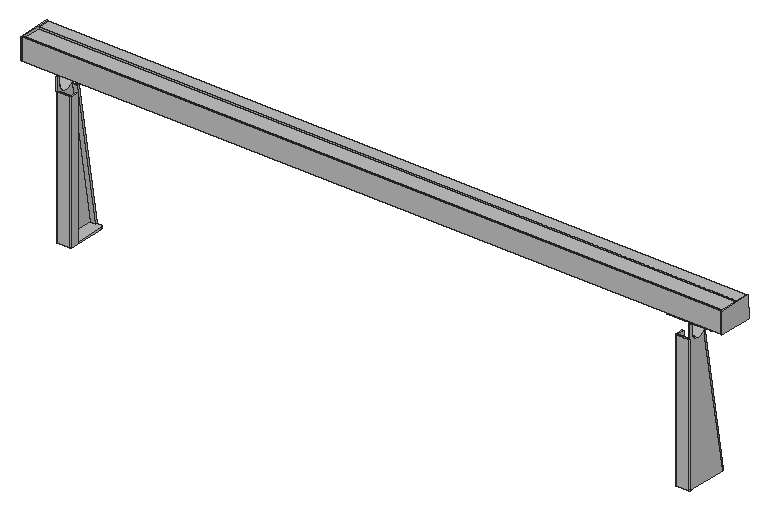
Revit family "4070764+4070747+4070772 Feilo Sylvania Lighting Fixtures CURSUS 1161MM 731LM WIDE LED 3K with SINGLE WALL HOUSING with 250MM WALL BRACKET", category Lighting Fixtures, host Face, Revit 2017
Family settings
  Host = Face
  Round Connector Dimension = Use Diameter
  Part Type = Normal
  OmniClass Number = 23.80.70.14
  OmniClass Title = Luminaries for External Lighting
  Cut with Voids When Loaded = Yes
  Light Source = No
  Shared = No
  Room Calculation Point = No
Parameters (values of type "4070764 CURSUS 1161MM 731LM WIDE LED 3K")
  Weight = "2.2 kg"
  Wattage Comments = "n/a"
  WarrantyStartDate [instance] = "n/a"
  WarrantyGuarantorParts = "n/a"
  WarrantyDurationUnit = "n/a"
  WarrantyDurationParts = "n/a"
  WarrantyDescription = "n/a"
  Voltage = 230 V
  URL = "http://www.sylvania-lighting.com"
  TypeName = "CURSUS 1161MM 731LM WIDE LED 3K"
  TypeFixture_FEILO = CURSUS with SINGLE WALL HOUSING : CURSUS 1161MM 731LM WIDE LED 3K
  Type Image = <None>
  Type Comments = "n/a"
  TiltAngle [instance] = 0.00°
  StartAngle [instance] = TiltAngle + 270.00°  # 270.00°
  SerialNumber [instance] = "n/a"
  ReflectorMaterial = none
  PowerFactor = 0
  PowerConsumption = "18 W"
  NominalLength = 1161 mm
  NominalHeight = 50 mm
  NominalDepth = 30 mm
  Name = "CURSUS 1161MM 731LM WIDE LED 3K"
  ModelReference = Name  # "CURSUS 1161MM 731LM WIDE LED 3K"
  ModelNumber = "4070764"
  Model = Name  # "CURSUS 1161MM 731LM WIDE LED 3K"
  Material = "natural anodised extruded aluminium structure housing"
  ManufacturerName = "Feilo Sylvania"
  Manufacturer = "Feilo Sylvania"
  LuminousEfficacy = "40.61 lm/W"
  LuminaireType = ""
  LightOutputRatio = "100"
  LampsType = Lamp  # "LED"
  LampNominalLuminous = "731 lm"
  LampMacAdamStep = "n/a"
  LampColourTemperature = "3000 K"
  LampColourRenderingIndex = "80"
  Lamp = "LED"
  Keynote = "16500"
  InstallationDate [instance] = "n/a"
  InputVoltage = "220-240V~"
  InputNominalFrequency = "n/a"
  IngressProtection = "IP67"
  ImpactProtectionIndex = "IK07"
  IfcExportType = "IfcLightFixtureType"
  IfcExportAs = "IfcLightFixtureType"
  ExpectedLife = 50000
  EndAngle [instance] = StartAngle - 180.00°  # 90.00°
  ElectricShockClassification = "Class III"
  DurationUnit = "hours"
  DocumentationLiterature = "http://www.sylvania-lighting.com/product/en-int/products/4070764"
  DimmingControlOptions = "n/a"
  DiffuserMaterial = Diffuser-Sylvania-Glow
  Description = "LED Exterior Lighting Recessed Surface Mounted Linear Fixture, Natural anodised extruded aluminium structure. Die-cast aluminium end caps. Installation kit with harmonic steel springs., 731 lm, 18W, 40lm/W, 3000K, CRI80+,non dimmable,IP67, IK07, (HxWxD) 1161x50x30mm, 3 step Mac Adam Ellipse, 2.2kg,, Classe III, 21-25V-DC, energy class : A++, A+, A"
  Default Elevation = 1219.2 mm
  CreatedOn = "1/8/2018"
  CreatedBy = ""
  Cost = 0
  built-in parameter 1114216 [instance] = (empty or 0)
  ClassificationValue = "EF_70_80"
  ClassificationName = "Uniclass2015"
  BracketWidth = 24 mm
  BracketThickness = 2 mm
  BracketHeightEnd = 32 mm
  BracketHeight = 70 mm
  BracketFlange = BracketHeight / 5  # 14 mm
  BracketExtension = 250 mm
  BracketEndReduction = 25 mm
  BracketC = 22 mm  # constant formula
  BracketDistance = 1030 mm
  BracketD = BracketHeightEnd - (BracketC * (BracketHeight - BracketHeightEnd) / (BracketExtension - BracketEndReduction))  # 28.284 mm
  BodyMaterial = Body-Sylvania-Gray
  BarCode [instance] = "n/a"
  AssetType = "Fixed"
  AssetIdentifier [instance] = "n/a"
  Assembly Code = "D5020200"
  Apparent Load = 18 VA
  AccessoryMaterial = Diffuser-Sylvania-Glow
Reference planes
  plane 1 "Center (Front/Back)": y = 0
  plane 2: z = 0
  plane 3 "Center (Left/Right)": x = 0
  plane 4: x = -527
  plane 5: x = 527
  plane 6: y = 70
  plane 7: x = -503
  plane 8: x = 503
  plane 9: z = 250
  plane 10: z = 236
  plane 11: z = 2
  plane 12: z = 225
  plane 13: x = -525
  plane 14: y = 68
  plane 15: y = 2
  plane 16: x = -505
  plane 17: x = 505
  plane 18: x = 525
  plane 19: x = -515
  plane 20: x = 515
  plane 21: y = 14
  plane 22: y = 32
  plane 23: y = 30
  plane 24: z = 247
  plane 25: y = 28.284
  plane 26: y = 16
Forms (mm)
  Blend 1, solid, material "Body-Sylvania-Gray" <- "BodyMaterial"
    base sketch origin (1223.4, -4572, 2) x (0, -1, 0) y (1, 0, 0)
      loop
        line (-4640, -1738.4) -> (-4642, -1738.4) -> (-4642, -1748.4)
        arc (-4642, -1748.4) -> (-4641.414, -1749.814) -> (-4640, -1750.4) r 2
        line (-4640, -1750.4) -> (-4574, -1750.4)
        arc (-4574, -1750.4) -> (-4572.586, -1749.814) -> (-4572, -1748.4) r 2
        line (-4572, -1748.4) -> (-4572, -1728.4)
        arc (-4572, -1728.4) -> (-4572.586, -1726.986) -> (-4574, -1726.4) r 2
        line (-4574, -1726.4) -> (-4586, -1726.4) -> (-4586, -1728.4) -> (-4574, -1728.4) -> (-4574, -1748.4) -> (-4640, -1748.4) -> (-4640, -1738.4)
    top sketch origin (1223.4, -4572, 2) x (0, -1, 0) y (1, 0, 0)
      loop
        line (-4586, -1728.4) -> (-4574, -1728.4) -> (-4574, -1748.4) -> (-4602, -1748.4) -> (-4602, -1738.4) -> (-4604, -1738.4) -> (-4604, -1748.4)
        arc (-4604, -1748.4) -> (-4603.52, -1749.71) -> (-4602.309, -1750.4) r 2.028
        line (-4602.309, -1750.4) -> (-4574, -1750.4)
        arc (-4574, -1750.4) -> (-4572.586, -1749.814) -> (-4572, -1748.4) r 2
        line (-4572, -1748.4) -> (-4572, -1728.4)
        arc (-4572, -1728.4) -> (-4572.586, -1726.986) -> (-4574, -1726.4) r 2
        line (-4574, -1726.4) -> (-4586, -1726.4) -> (-4586, -1728.4)
    from 0 to 223
  Extrusion 2, solid, material "Body-Sylvania-Gray" <- "BodyMaterial"
    sketch origin (0, 0, 0) x (1, 0, 0) y (0, 1, 0)
      loop
        arc (-525, 70) -> (-526.414, 69.414) -> (-527, 68) r 2
        line (-527, 68) -> (-527, 2)
        arc (-527, 2) -> (-526.414, 0.586) -> (-525, 0) r 2
        line (-525, 0) -> (-505, 0)
        arc (-505, 0) -> (-503.586, 0.586) -> (-503, 2) r 2
        line (-503, 2) -> (-503, 62.5)
        arc (-503, 62.5) -> (-505.197, 67.803) -> (-510.5, 70) r 7.5
        line (-510.5, 70) -> (-525, 70)
      loop
        line (525, 70) -> (510.5, 70)
        arc (510.5, 70) -> (505.197, 67.803) -> (503, 62.5) r 7.5
        line (503, 62.5) -> (503, 2)
        arc (503, 2) -> (503.586, 0.586) -> (505, 0) r 2
        line (505, 0) -> (525, 0)
        arc (525, 0) -> (526.414, 0.586) -> (527, 2) r 2
        line (527, 2) -> (527, 68)
        arc (527, 68) -> (526.414, 69.414) -> (525, 70) r 2
    from 0 to 2
  Blend 3, solid, material "Body-Sylvania-Gray" <- "BodyMaterial"
    base sketch origin (1223.4, -4572, 2) x (0, -1, 0) y (1, 0, 0)
      loop
        line (-4640, -698.4) -> (-4574, -698.4) -> (-4574, -718.4) -> (-4586, -718.4) -> (-4586, -720.4) -> (-4574, -720.4)
        arc (-4574, -720.4) -> (-4572.586, -719.814) -> (-4572, -718.4) r 2
        line (-4572, -718.4) -> (-4572, -698.4)
        arc (-4572, -698.4) -> (-4572.586, -696.986) -> (-4574, -696.4) r 2
        line (-4574, -696.4) -> (-4640, -696.4)
        arc (-4640, -696.4) -> (-4641.414, -696.986) -> (-4642, -698.4) r 2
        line (-4642, -698.4) -> (-4642, -708.4) -> (-4640, -708.4) -> (-4640, -698.4)
    top sketch origin (1223.4, -4572, 2) x (0, -1, 0) y (1, 0, 0)
      loop
        line (-4602, -708.4) -> (-4602, -698.4) -> (-4574, -698.4) -> (-4574, -718.4) -> (-4586, -718.4) -> (-4586, -720.4) -> (-4574, -720.4)
        arc (-4574, -720.4) -> (-4572.586, -719.814) -> (-4572, -718.4) r 2
        line (-4572, -718.4) -> (-4572, -698.4)
        arc (-4572, -698.4) -> (-4572.586, -696.986) -> (-4574, -696.4) r 2
        line (-4574, -696.4) -> (-4602, -696.4)
        arc (-4602, -696.4) -> (-4603.414, -696.986) -> (-4604, -698.4) r 2
        line (-4604, -698.4) -> (-4604, -708.4) -> (-4602, -708.4)
    from 0 to 223
  Blend 4, solid, material "Body-Sylvania-Gray" <- "BodyMaterial"
    base sketch origin (1223.4, -4572, 225) x (0, -1, 0) y (1, 0, 0)
      loop
        line (-4604, -1750.4) -> (-4572, -1750.4) -> (-4572, -1748.4) -> (-4604, -1748.4) -> (-4604, -1750.4)
    top sketch origin (1223.4, -4572, 225) x (0, -1, 0) y (1, 0, 0)
      loop
        line (-4572, -1750.4) -> (-4572, -1748.4) -> (-4600.284, -1748.4) -> (-4600.284, -1750.4) -> (-4572, -1750.4)
    from 0 to 22
  Blend 5, solid, material "Body-Sylvania-Gray" <- "BodyMaterial"
    base sketch origin (1223.4, -4572, 225) x (0, -1, 0) y (1, 0, 0)
      loop
        line (-4604, -698.4) -> (-4572, -698.4) -> (-4572, -696.4) -> (-4604, -696.4) -> (-4604, -698.4)
    top sketch origin (1223.4, -4572, 225) x (0, -1, 0) y (1, 0, 0)
      loop
        line (-4572, -696.4) -> (-4600.284, -696.4) -> (-4600.284, -698.4) -> (-4572, -698.4) -> (-4572, -696.4)
    from 0 to 22
  Extrusion 6, void
    sketch origin (0, 0, 0) x (0, 1, 0) y (0, 0, 1)
      loop
        line (0, 225) -> (2, 225) -> (2, 226.5) -> (0, 226.5) -> (0, 225)
      loop
        line (32, 225) -> (32, 226.5) -> (30, 226.5) -> (30, 225) -> (32, 225)
    from -527 to 527
  Revolve 7, solid, not visible
    sketch origin (1524, 16, 1219.2) x (1, 0, 0) y (0, 0, 1)
      loop
        line (-1524, -972.2) -> (-1524, -983.2) -> (-1009, -983.2) -> (-1009, -972.2) -> (-1524, -972.2)
      axis (-1009, -983.2) -> (-1524, -983.2)
    angle from 270 <- "StartAngle" to 90 <- "EndAngle"
Cuts and joins
  Extrusion 6 cuts Blend 4
  Extrusion 6 cuts Blend 5
  joined: Blend 1, Extrusion 2, Blend 3, Blend 4, Blend 5
Lines and regions (mm)
  reference lines, not visible
    curve 1: line (-503, 16, 236) -> (503, 16, 236)
Dimensions and locks
  equal spacing: plane 4, plane 3 "Center (Left/Right)", plane 5
  "BracketDistance": plane 19 to plane 20
  "BracketHeight": plane 1 "Center (Front/Back)" to plane 6
  equal spacing: plane 7, plane 3 "Center (Left/Right)", plane 8
  "BracketWidth": plane 4 to plane 7
  "BracketExtension": plane 9 to plane 2
  "BracketThickness": plane 11 to plane 2
  "BracketEndReduction": plane 9 to plane 12
  equal spacing: plane 13, plane 3 "Center (Left/Right)", plane 18
  equal spacing: plane 16, plane 3 "Center (Left/Right)", plane 17
  "BracketThickness": plane 4 to plane 13
  "BracketThickness": plane 16 to plane 7
  "BracketThickness": plane 14 to plane 6
  "BracketThickness": plane 1 "Center (Front/Back)" to plane 15
  equal spacing: plane 4, plane 19, plane 7
  equal spacing: plane 8, plane 20, plane 5
  "BracketFlange": plane 1 "Center (Front/Back)" to plane 21
  "BracketHeightEnd": plane 1 "Center (Front/Back)" to plane 22
  "BracketThickness": plane 23 to plane 22
  locked: Extrusion 2 sketch curve to plane 7 at 7.5
  locked: Extrusion 2 sketch curve to plane 6 at 7.5  (x2)
  locked: plane 8 to Extrusion 2 sketch curve at 7.5
  "BracketC": plane 24 to plane 12
  "BracketD": plane 1 "Center (Front/Back)" to plane 25
  locked: plane 12 to Extrusion 6 sketch curve at 1.5
  equal spacing: plane 24, plane 10, plane 12
  equal spacing: plane 1 "Center (Front/Back)", plane 26, plane 22
  aligned and locked: plane 2 to host face
  aligned and locked: level to host face
  aligned and locked: plane 4 to Blend 1 sketch curve  (x2)
  aligned and locked: plane 13 to Blend 1 sketch curve  (x3)
  aligned and locked: Blend 1 sketch curve to plane 15
  aligned and locked: Blend 1 sketch curve to plane 16
  aligned and locked: Blend 1 sketch curve to plane 21
  aligned and locked: plane 7 to Blend 1 sketch curve
  aligned and locked: plane 16 to Blend 1 sketch curve
  aligned and locked: plane 1 "Center (Front/Back)" to Blend 1 sketch curve
  aligned and locked: plane 14 to Blend 1 sketch curve
  aligned and locked: Blend 1 sketch curve to var sketch  (x6)
  aligned and locked: Blend 1 sketch curve to plane 19
  aligned and locked: Blend 1 sketch curve to plane 22
  aligned and locked: plane 23 to Blend 1 sketch curve
  aligned and locked: plane 11 to Blend 1
  aligned and locked: Extrusion 2 sketch curve to Blend 1  (x3)
  aligned and locked: Extrusion 2 to level
  aligned and locked: Extrusion 2 to plane 11
  aligned and locked: Extrusion 2 sketch curve to plane 7
  aligned and locked: plane 18 to Blend 3 sketch curve  (x4)
  aligned and locked: plane 14 to Blend 3 sketch curve  (x2)
  aligned and locked: Blend 3 sketch curve to plane 20
  aligned and locked: Blend 3 sketch curve to plane 6
  aligned and locked: plane 5 to Blend 3 sketch curve
  aligned and locked: plane 1 "Center (Front/Back)" to Blend 3 sketch curve
  aligned and locked: plane 15 to Blend 3 sketch curve  (x2)
  aligned and locked: Blend 3 sketch curve to plane 8
  aligned and locked: Blend 3 sketch curve to plane 21
  aligned and locked: plane 17 to Blend 3 sketch curve
  aligned and locked: Blend 3 sketch curve to plane 18
  aligned and locked: plane 20 to Blend 3 sketch curve  (x2)
  aligned and locked: Blend 3 sketch curve to plane 23
  aligned and locked: Blend 3 sketch curve to var sketch  (x8)
  aligned and locked: var sketch to Blend 3 sketch curve
  aligned and locked: plane 22 to Blend 3 sketch curve
  aligned and locked: plane 11 to Blend 3
  aligned and locked: Extrusion 2 sketch curve to Blend 3  (x4)
  aligned and locked: Blend 1 to plane 12
  aligned and locked: Blend 3 to plane 12
  aligned and locked: Blend 4 sketch curve to plane 22
  aligned and locked: Blend 4 sketch curve to cut or joined group of Blend 1, Extrusion 2, Blend 3, Blend 4, Blend 5, Extrusion 6  (x2)
  aligned and locked: cut or joined group of Blend 1, Extrusion 2, Blend 3, Blend 4, Blend 5, Extrusion 6 to Blend 4 sketch curve
  aligned and locked: Blend 4 sketch curve to var sketch  (x2)
  aligned and locked: Blend 4 sketch curve to plane 13
  aligned and locked: Blend 4 to plane 24
  aligned and locked: Blend 4 sketch curve to plane 25
  aligned and locked: Blend 5 sketch curve to plane 18  (x2)
  aligned and locked: plane 1 "Center (Front/Back)" to Blend 5 sketch curve
  aligned and locked: plane 5 to Blend 5 sketch curve
  aligned and locked: plane 22 to Blend 5 sketch curve
  aligned and locked: Blend 5 sketch curve to var sketch
  aligned and locked: var sketch to Blend 5 sketch curve
  aligned and locked: Blend 5 sketch curve to plane 25
  aligned and locked: Blend 5 to plane 24
  aligned and locked: plane 12 to Blend 5
  aligned and locked: Extrusion 6 sketch curve to cut or joined group of Blend 1, Extrusion 2, Blend 3, Blend 4, Blend 5, Extrusion 6  (x2)
  aligned and locked: Extrusion 6 sketch curve to Extrusion 6 sketch curve
  aligned and locked: Extrusion 6 sketch curve to plane 15
  aligned and locked: plane 5 to Extrusion 6
  aligned and locked: Extrusion 6 to plane 4
  aligned and locked: Extrusion 6 sketch curve to plane 23
  aligned and locked: Revolve 7 sketch curve to plane 10  (x2)
  aligned and locked: plane 24 to Revolve 7 sketch curve
  aligned and locked: plane 3 "Center (Left/Right)" to Revolve 7 sketch curve
  aligned and locked: Revolve 7 sketch curve to plane 20
  aligned and locked: plane 7 to curve 1
  aligned and locked: plane 10 to curve 1
  aligned and locked: nested 1 to plane 5
  aligned and locked: nested 2 to plane 4
  aligned and locked: nested 1 to curve 1
  aligned and locked: nested 2 to curve 1
  aligned and locked: nested 1 to nested 3
  aligned and locked: nested 3 to plane 3 "Center (Left/Right)"
Automatic sketch dimensions
  host sketch curve to host sketch curve = 2438.4 mm  (x2)
  Blend 1 sketch curve to plane 13 = 0 mm
  plane 15 to Blend 1 sketch curve = 0 mm  (x3)
  Blend 1 sketch curve to plane 23 = 0.309 mm
  plane 6 to Blend 1 sketch curve = 0 mm
  plane 14 to Blend 1 sketch curve = 0 mm
  Blend 1 sketch curve to plane 19 = 0 mm
  Blend 3 sketch curve to plane 17 = 0 mm
  Extrusion 6 sketch curve to plane 1 "Center (Front/Back)" = 0 mm
  plane 12 to Extrusion 6 sketch curve = 0 mm
  Revolve 7 sketch curve to plane 4 = 1153 mm
  plane 5 to Revolve 7 sketch curve = 1161.4 mm
  curve 1 to plane 8 = 0 mm
Nested families
  nested 1: "MountingPlate" at (526, 16, 236) x (-1, 0, 0) z (0, 0, 1), type "MountingPlate"
  nested 2: "MountingPlate" at (-526, 16, 236) x (-1, 0, 0) z (0, 0, 1), type "MountingPlate"
  nested 3: "CURSUS with SINGLE WALL HOUSING" at (0, -4, 254) x (-1, 0, 0) z (0, 0, 1), type <- "TypeFixture_FEILO", type "CURSUS 1161MM 731LM WIDE LED 3K"
    with WarrantyStartDate "n/a", SerialNumber "n/a", InstallationDate "n/a", EndCapRight yes, EndCapLeft yes, built-in parameter 1114216 (empty or 0), BarCode "n/a", AssetIdentifier "n/a"
Connectors
  electrical at (0, 0, 0), driven by "Voltage", driven by "Apparent Load", driven by "PowerFactor"
    settings: index 1, voltage 230 V, apparent load 18 VA, apparent load phase1 0 VA, apparent load phase2 0 VA, apparent load phase3 0 VA, power factor 0, load classification "Other", number of poles 1, system type 30, power factor state 1, is connector primary yes, connector utility no, sub classification motor no, connector description ""
Definition of nested family "MountingPlate"
  Parameters (values of type "MountingPlate")
    URL = "http://www.feilosylvania.com"
    Type Comments = "n/a"
    ReflectorMaterial = none
    MountingPlateWidth = 76 mm
    MountingPlateThickness = 2 mm
    MountingPlateRadiusBack = 12 mm
    MountingPlateRadius = 3 mm
    MountingPlateHeight = 35 mm
    Model = "n/a"
    Manufacturer = "Feilo Sylvania"
    Keynote = "n/a"
    DiffuserMaterial = none
    Description = "n/a"
    Default Elevation = 1219.2 mm
    Cost = 0
    BodyMaterial = none
    Assembly Code = "n/a"
    AccessoryMaterial = none
  Reference planes
    plane 1 "Center (Front/Back)": y = 0
    plane 2: z = 0
    plane 3 "Center (Left/Right)": x = 0
    plane 4: x = -38
    plane 5: x = 38
    plane 6: y = 17.5
    plane 7: y = -17.5
    plane 8: x = -3
    plane 9: x = 3
    plane 10: z = 18
    plane 11: z = 16
    plane 12: y = 12.5
    plane 13: y = -12.5
    plane 14: x = -1
    plane 15: x = 1
    plane 16: z = -12.5
    plane 17: z = -14.5
  Forms (mm)
    Extrusion 1, solid
      sketch origin (1.653, 0, 0) x (1, 0, 0) y (0, 1, 0)
        loop
          line (-1219.2, 1219.2) -> (-1219.2, -1219.2) -> (1219.2, -1219.2) -> (1219.2, 1219.2) -> (-1219.2, 1219.2)
      from 0 to -304.8
    Extrusion 2, solid, material <- "BodyMaterial"
      sketch origin (1218.4, -4572, 16) x (0, -1, 0) y (-1, 0, 0)
        loop
          line (-4589.5, 1253.4) -> (-4589.5, 1224.4)
          arc (-4589.5, 1224.4) -> (-4588.621, 1222.279) -> (-4586.5, 1221.4) r 3
          line (-4586.5, 1221.4) -> (-4557.5, 1221.4)
          arc (-4557.5, 1221.4) -> (-4555.379, 1222.279) -> (-4554.5, 1224.4) r 3
          line (-4554.5, 1224.4) -> (-4554.5, 1253.4)
          arc (-4554.5, 1253.4) -> (-4555.379, 1255.521) -> (-4557.5, 1256.4) r 3
          line (-4557.5, 1256.4) -> (-4586.5, 1256.4)
          arc (-4586.5, 1256.4) -> (-4588.621, 1255.521) -> (-4589.5, 1253.4) r 3
        loop
          arc (-4589.5, 1183.4) -> (-4588.621, 1181.279) -> (-4586.5, 1180.4) r 3
          line (-4586.5, 1180.4) -> (-4557.5, 1180.4)
          arc (-4557.5, 1180.4) -> (-4555.379, 1181.279) -> (-4554.5, 1183.4) r 3
          line (-4554.5, 1183.4) -> (-4554.5, 1212.4)
          arc (-4554.5, 1212.4) -> (-4555.379, 1214.521) -> (-4557.5, 1215.4) r 3
          line (-4557.5, 1215.4) -> (-4586.5, 1215.4)
          arc (-4586.5, 1215.4) -> (-4588.621, 1214.521) -> (-4589.5, 1212.4) r 3
          line (-4589.5, 1212.4) -> (-4589.5, 1183.4)
      from 0 to -2
    Extrusion 3, solid, material <- "BodyMaterial"
      sketch origin (0, 0, 0) x (1, 0, 0) y (0, 0, 1)
        loop
          line (-3, 18) -> (-3, -12.5) -> (-1, -12.5) -> (-1, 16)
          arc (-1, 16) -> (-1.586, 17.414) -> (-3, 18) r 2
        loop
          line (3, -12.5) -> (3, 18)
          arc (3, 18) -> (1.586, 17.414) -> (1, 16) r 2
          line (1, 16) -> (1, -12.5) -> (3, -12.5)
      from -12.5 to 12.5
    Extrusion 4, void
      sketch origin (0, 0, 0) x (0, 1, 0) y (0, 0, 1)
        loop
          line (-12.5, -0.5) -> (-17.5, -0.5) -> (-17.5, -14.5) -> (-0.5, -14.5) -> (-0.5, -12.5)
          arc (-0.5, -12.5) -> (-8.985, -8.985) -> (-12.5, -0.5) r 12
        loop
          line (0.5, -12.5) -> (0.5, -14.5) -> (17.5, -14.5) -> (17.5, -0.5) -> (12.5, -0.5)
          arc (12.5, -0.5) -> (8.985, -8.985) -> (0.5, -12.5) r 12
      from -3 to 3
  Cuts and joins
    Extrusion 4 cuts Extrusion 2
    Extrusion 4 cuts Extrusion 3
    joined: Extrusion 2, Extrusion 3
  Lines and regions (mm)
    reference lines
      curve 1: line (-38, 0, 0) -> (38, 0, 0)
  Dimensions and locks
    equal spacing: plane 4, plane 3 "Center (Left/Right)", plane 5
    "MountingPlateWidth": plane 4 to plane 5
    equal spacing: plane 7, plane 1 "Center (Front/Back)", plane 6
    "MountingPlateHeight": plane 7 to plane 6
    equal spacing: plane 8, plane 3 "Center (Left/Right)", plane 9
    "MountingPlateHeight": plane 4 to plane 8
    locked: plane 10 to plane 2 at 18
    "MountingPlateThickness": plane 10 to plane 11
    equal spacing: plane 13, plane 1 "Center (Front/Back)", plane 12
    locked: plane 13 to plane 12 at 25
    "MountingPlateRadius": plane 4 to Extrusion 2 sketch curve  (x2)
    "MountingPlateRadius": Extrusion 2 sketch curve to plane 6  (x4)
    "MountingPlateRadius": Extrusion 2 sketch curve to plane 8  (x2)
    "MountingPlateRadius": plane 7 to Extrusion 2 sketch curve  (x4)
    "MountingPlateRadius": plane 9 to Extrusion 2 sketch curve  (x2)
    "MountingPlateRadius": Extrusion 2 sketch curve to plane 5  (x2)
    equal spacing: plane 15, plane 3 "Center (Left/Right)", plane 14
    "MountingPlateThickness": plane 14 to plane 8
    locked: plane 2 to plane 16 at 12.5
    locked: plane 17 to plane 16 at 2
    "MountingPlateRadiusBack": plane 13 to Extrusion 4 sketch curve
    "MountingPlateRadiusBack": plane 16 to Extrusion 4 sketch curve  (x2)
    "MountingPlateRadiusBack": Extrusion 4 sketch curve to plane 12
    aligned and locked: plane 2 to Extrusion 1
    aligned and locked: level to Extrusion 1
    aligned and locked: Extrusion 2 sketch curve to plane 6
    aligned and locked: Extrusion 2 sketch curve to plane 4
    aligned and locked: plane 7 to Extrusion 2 sketch curve
    aligned and locked: plane 8 to Extrusion 2 sketch curve
    aligned and locked: plane 6 to Extrusion 2 sketch curve
    aligned and locked: Extrusion 2 sketch curve to plane 5
    aligned and locked: Extrusion 2 sketch curve to plane 7
    aligned and locked: plane 9 to Extrusion 2 sketch curve
    aligned and locked: Extrusion 2 to plane 10
    aligned and locked: plane 11 to Extrusion 2
    aligned and locked: Extrusion 3 sketch curve to Extrusion 2  (x2)
    aligned and locked: plane 16 to Extrusion 3 sketch curve  (x2)
    aligned and locked: plane 14 to Extrusion 3 sketch curve
    aligned and locked: plane 9 to Extrusion 3 sketch curve
    aligned and locked: plane 15 to Extrusion 3 sketch curve
    aligned and locked: Extrusion 3 to plane 12
    aligned and locked: plane 13 to Extrusion 3
    aligned and locked: plane 17 to Extrusion 4 sketch curve  (x2)
    aligned and locked: Extrusion 4 sketch curve to plane 7
    aligned and locked: Extrusion 4 sketch curve to plane 6
    aligned and locked: plane 9 to Extrusion 4
    aligned and locked: Extrusion 4 to plane 8
    aligned and locked: plane 4 to curve 1
    aligned and locked: curve 1 to level
  Automatic sketch dimensions
    Extrusion 1 sketch curve to Extrusion 1 sketch curve = 2438.4 mm  (x2)
    Extrusion 3 sketch curve to plane 11 = 0 mm
    curve 1 to plane 5 = 0 mm
    Extrusion 4 sketch curve to plane 13 = 0 mm
    Extrusion 4 sketch curve to plane 12 = 0 mm
Definition of nested family "CURSUS with SINGLE WALL HOUSING"
  Parameters (values of type "CURSUS 1161MM 827LM OVAL LED 3K")
    Width_FEILO = 35 mm
    Weight = "2.2 kg"
    Wattage Comments = "n/a"
    Wattage = 18 W
    WarrantyStartDate [instance] = "n/a"
    WarrantyGuarantorParts = "n/a"
    WarrantyDurationUnit = "n/a"
    WarrantyDurationParts = "n/a"
    WarrantyDescription = "n/a"
    WallThickness_FEILO = 2.5 mm
    built-in parameter 1150110 = 1 (stored number, unit not read)
    Voltage = 24 V
    URL = "http://www.feilosylvania.com"
    TypeName = "CURSUS 1161MM 827LM OVAL LED 3K"
    Type Image = (empty or 0)
    Type Comments = "n/a"
    built-in parameter 1114217 = 1 (stored number, unit not read)
    Tilt Angle = -90.00°
    built-in parameter 1150109 = 1 (stored number, unit not read)
    built-in parameter 1150134 = (empty or 0)
    built-in parameter 1150113 = 1 (stored number, unit not read)
    SerialNumber [instance] = "n/a"
    ReflectorMaterial = none
    PowerFactor = 0
    PowerConsumption = "18 W"
    Photometric Web File = "4070765.ies"
    NominalLength = 1161 mm
    NominalHeight = 50 mm
    NominalDepth = 30 mm
    Name = "CURSUS 1161MM 827LM OVAL LED 3K"
    ModelReference = Name  # "CURSUS 1161MM 827LM OVAL LED 3K"
    ModelNumber = ""
    Model = Name  # "CURSUS 1161MM 827LM OVAL LED 3K"
    Material = "natural anodised extruded aluminium structure housing, optical system with pmma lenses diffuser"
    ManufacturerName = "Feilo Sylvania"
    Manufacturer = "Feilo Sylvania"
    LuminousEfficacy = "45.94 lm/W"
    built-in parameter 1150105 = 1166.5 (stored number, unit not read)
    Lumens = 827 lm
    LuminaireType = ""
    built-in parameter 1150115 = 1 (stored number, unit not read)
    LightOutputRatio = "100"
    built-in parameter 1150137 = (empty or 0)
    built-in parameter 1150139 = (empty or 0)
    Length_FEILO = 1167 mm
    LampsType = Lamp  # "LED"
    LampNominalLuminous = "827 lm"
    LampMacAdamStep = "n/a"
    LampColourTemperature = "3000 K"
    LampColourRenderingIndex = "80"
    built-in parameter 1150112 = 1 (stored number, unit not read)
    built-in parameter 1150114 = 1 (stored number, unit not read)
    Lamp = "LED"
    Keynote = "16500"
    InstallationDate [instance] = "n/a"
    InputVoltage = "24V DC"
    InputNominalFrequency = "n/a"
    built-in parameter 1150132 = (empty or 0)
    built-in parameter 1150102 = (empty or 0)
    built-in parameter 1150107 = 3000 (stored number, unit not read)
    built-in parameter 1150138 = (empty or 0)
    IngressProtection = "IP67"
    ImpactProtectionIndex = "IK07"
    built-in parameter 1150106 = 11.665 (stored number, unit not read)
    IfcExportType = "IfcLightFixtureType"
    IfcExportAs = "IfcLightFixtureType"
    ExpectedLife = 50000
    EndCapRight [instance] = yes
    EndCapLeft [instance] = yes
    Emit from Rectangle Width = Width_FEILO - WallThickness_FEILO * 2  # 30 mm
    Emit from Rectangle Length = Length_FEILO - WallThickness_FEILO * 2  # 1162 mm
    Emit Shape Visible in Rendering = no
    ElectricShockClassification = "Class III"
    built-in parameter 1150104 = 4.2684 (stored number, unit not read)
    DurationUnit = "hours"
    DocumentationLiterature = "http://www.feilosylvania.com/product/en-int/products/4070765"
    DimmingControlOptions = "n/a"
    Dimming Lamp Color Temperature Shift = (empty or 0)
    DiffuserMaterial = none
    Description = "LED Exterior Lighting Recessed Surface Mounted Linear Fixture, Natural anodised extruded aluminium structure. Die-cast aluminium end caps. Installation kit with harmonic steel springs., 827 lm, 18W, 45lm/W, 3000K, CRI80+,non dimmable,IP67, IK07, (HxWxD) 1161x50x30mm, 3 step Mac Adam Ellipse, 2.2kg,, Classe III, 21-25V-DC, energy class : A++, A+, A"
    Default Elevation = 1219.2 mm
    CreatedOn = "1/8/2018"
    CreatedBy = "aron.fodor@feilosylvania.com"
    Cost = 0
    Color Filter = 16777215
    built-in parameter 1114216 [instance] = (empty or 0)
    ClassificationValue = "EF_70_80"
    ClassificationName = "Uniclass2015"
    BodyMaterial = none
    BarCode [instance] = "n/a"
    built-in parameter 1114218 = 1 (stored number, unit not read)
    built-in parameter 1150133 = 10 (stored number, unit not read)
    AssetType = "Fixed"
    AssetIdentifier [instance] = "n/a"
    Assembly Code = "D5020200"
    Apparent Load = 18 VA
    AccessoryMaterial = none
  Types (16, lengths in mm): name | Weight | Wattage | Voltage | TypeName | built-in parameter 1150134 | PowerConsumption | Photometric Web File | NominalLength | Name | ModelReference | Model | Material | LuminousEfficacy | built-in parameter 1150105 | Lumens | Length_FEILO | LampNominalLuminous | LampColourTemperature | InputVoltage | InputNominalFrequency | built-in parameter 1150107 | built-in parameter 1150106 | Emit from Rectangle Length | built-in parameter 1150104 | DocumentationLiterature | Description | Apparent Load
    CURSUS 1161MM 827LM OVAL LED 3K | "2.2 kg" | 18 W | 24 V | "CURSUS 1161MM 827LM OVAL LED 3K" | (empty or 0) | "18 W" | "4070765.ies" | 1161 | "CURSUS 1161MM 827LM OVAL LED 3K" | "CURSUS 1161MM 827LM OVAL LED 3K" | "CURSUS 1161MM 827LM OVAL LED 3K" | "natural anodised extruded aluminium structure housing, optical system with pmma lenses diffuser" | "45.94 lm/W" | 1166.5 (stored number, unit not read) | 827 lm | 1167 | "827 lm" | "3000 K" | "24V DC" | "n/a" | 3000 (stored number, unit not read) | 11.665 (stored number, unit not read) | 1162 | 4.2684 (stored number, unit not read) | "http://www.feilosylvania.com/product/en-int/products/4070765" | "LED Exterior Lighting Recessed Surface Mounted Linear Fixture, Natural anodised extruded aluminium structure. Die-cast aluminium end caps. Installation kit with harmonic steel springs., 827 lm, 18W, 45lm/W, 3000K, CRI80+,non dimmable,IP67, IK07, (HxWxD) 1161x50x30mm, 3 step Mac Adam Ellipse, 2.2kg,, Classe III, 21-25V-DC, energy class : A++, A+, A" | 18 VA
    CURSUS 1161MM 731LM WIDE LED 3K | "2.2 kg" | 18 W | 230 V | "CURSUS 1161MM 731LM WIDE LED 3K" | (empty or 0) | "18 W" | "4070764.ies" | 1161 | "CURSUS 1161MM 731LM WIDE LED 3K" | "CURSUS 1161MM 731LM WIDE LED 3K" | "CURSUS 1161MM 731LM WIDE LED 3K" | "natural anodised extruded aluminium structure housing" | "40.61 lm/W" | 403.47 (stored number, unit not read) | 731 lm | 1167 | "731 lm" | "3000 K" | "220-240V~" | "n/a" | 3000 (stored number, unit not read) | 4.0347 (stored number, unit not read) | 1162 | 3.7729 (stored number, unit not read) | "http://www.feilosylvania.com/product/en-int/products/4070764" | "LED Exterior Lighting Recessed Surface Mounted Linear Fixture, Natural anodised extruded aluminium structure. Die-cast aluminium end caps. Installation kit with harmonic steel springs., 731 lm, 18W, 40lm/W, 3000K, CRI80+,non dimmable,IP67, IK07, (HxWxD) 1161x50x30mm, 3 step Mac Adam Ellipse, 2.2kg,, Classe III, 21-25V-DC, energy class : A++, A+, A" | 18 VA
    CURSUS 1161MM 871LM OVAL LED 4K | "2.2 kg" | 18 W | 24 V | "CURSUS 1161MM 871LM OVAL LED 4K" | 12 | "18 W" | "4070763.ies" | 1161 | "CURSUS 1161MM 871LM OVAL LED 4K" | "CURSUS 1161MM 871LM OVAL LED 4K" | "CURSUS 1161MM 871LM OVAL LED 4K" | "natural anodised extruded aluminium structure housing, optical system with pmma lenses diffuser" | "48.38 lm/W" | 1192.8 (stored number, unit not read) | 871 lm | 1167 | "871 lm" | "4000 K" | "24V DC" | "50/60 Hz" | 4000 (stored number, unit not read) | 11.928 (stored number, unit not read) | 1162 | 4.4955 (stored number, unit not read) | "http://www.feilosylvania.com/product/en-int/products/4070763" | "LED Exterior Lighting Recessed Surface Mounted Linear Fixture, Natural anodised extruded aluminium structure. Die-cast aluminium end caps. Installation kit with harmonic steel springs., 871 lm, 18W,  48lm/W, 4000K, CRI80+,non dimmable,IP67, IK07, (HxWxD) 1161x50x30mm, 3 step Mac Adam Ellipse, 2.2kg,, Classe III, 21-25V-DC, energy class : A++, A+, A" | 18 VA
    CURSUS 1161MM 770LM WIDE LED 4K | "2.2 kg" | 18 W | 230 V | "CURSUS 1161MM 770LM WIDE LED 4K" | 12 | "18 W" | "4070762.ies" | 1161 | "CURSUS 1161MM 770LM WIDE LED 4K" | "CURSUS 1161MM 770LM WIDE LED 4K" | "CURSUS 1161MM 770LM WIDE LED 4K" | "natural anodised extruded aluminium structure housing" | "42.77 lm/W" | 424.94 (stored number, unit not read) | 770 lm | 1167 | "770 lm" | "4000 K" | "220-240V~" | "n/a" | 4000 (stored number, unit not read) | 4.2494 (stored number, unit not read) | 1162 | 3.9742 (stored number, unit not read) | "http://www.feilosylvania.com/product/en-int/products/4070762" | "LED Exterior Lighting Recessed Surface Mounted Linear Fixture, Natural anodised extruded aluminium structure. Die-cast aluminium end caps. Installation kit with harmonic steel springs., 770 lm, 18W,  42lm/W, 4000K, CRI80+,non dimmable,IP67, IK07, (HxWxD) 1161x50x30mm, 3 step Mac Adam Ellipse, 2.2kg,, Classe III, 21-25V-DC, energy class : A++, A+, A" | 18 VA
    CURSUS 876MM 620LM OVAL LED 3K | "1.7 kg" | 13.5 W | 24 V | "CURSUS 876MM 620LM OVAL LED 3K" | (empty or 0) | "13.5 W" | "4070758.ies" | 876 | "CURSUS 876MM 620LM OVAL LED 3K" | "CURSUS 876MM 620LM OVAL LED 3K" | "CURSUS 876MM 620LM OVAL LED 3K" | "natural anodised extruded aluminium structure housing, optical system with pmma lenses diffuser" | "45.92 lm/W" | 874.55 (stored number, unit not read) | 620 lm | 882 | "620 lm" | "3000 K" | "24V DC" | "50/60 Hz" | 3000 (stored number, unit not read) | 8.7455 (stored number, unit not read) | 877 | 4.2667 (stored number, unit not read) | "http://www.feilosylvania.com/product/en-int/products/4070758" | "LED Exterior Lighting Recessed Surface Mounted Linear Fixture, Natural anodised extruded aluminium structure. Die-cast aluminium end caps. Installation kit with harmonic steel springs., 620 lm, 13,5W, 45lm/W, 3000K, CRI80+,non dimmable,IP67, IK07, (HxWxD) 876x50x30mm, 3 step Mac Adam Ellipse, 1.7kg,, Classe III, 21-25V-DC, energy class : A++, A+, A" | 13.5 VA
    CURSUS 876MM 548LM WIDE LED 3K | "1.7 kg" | 13.5 W | 24 V | "CURSUS 876MM 548LM WIDE LED 3K" | (empty or 0) | "13.5 W" | "4070757.ies" | 876 | "CURSUS 876MM 548LM WIDE LED 3K" | "CURSUS 876MM 548LM WIDE LED 3K" | "CURSUS 876MM 548LM WIDE LED 3K" | "natural anodised extruded aluminium structure housing" | "40.59 lm/W" | 302.47 (stored number, unit not read) | 548 lm | 882 | "548 lm" | "3000 K" | "24V DC" | "n/a" | 3000 (stored number, unit not read) | 3.0247 (stored number, unit not read) | 877 | 3.7712 (stored number, unit not read) | "http://www.feilosylvania.com/product/en-int/products/4070757" | "LED Exterior Lighting Recessed Surface Mounted Linear Fixture, Natural anodised extruded aluminium structure. Die-cast aluminium end caps. Installation kit with harmonic steel springs., 548 lm, 13,5W, 40lm/W, 3000K, CRI80+,non dimmable,IP67, IK07, (HxWxD) 876x50x30mm, 3 step Mac Adam Ellipse, 1.7kg,, Classe III, 21-25V-DC, energy class : A++, A+, A" | 13.5 VA
    CURSUS 876MM 653LM OVAL LED 4K | "1.7 kg" | 13.5 W | 24 V | "CURSUS 876MM 653LM OVAL LED 4K" | 12 | "13.5 W" | "4070756.ies" | 876 | "CURSUS 876MM 653LM OVAL LED 4K" | "CURSUS 876MM 653LM OVAL LED 4K" | "CURSUS 876MM 653LM OVAL LED 4K" | "natural anodised extruded aluminium structure housing, optical system with pmma lenses diffuser" | "48.37 lm/W" | 894.28 (stored number, unit not read) | 653 lm | 882 | "653 lm" | "4000 K" | "24V DC" | "n/a" | 4000 (stored number, unit not read) | 8.9428 (stored number, unit not read) | 877 | 4.4938 (stored number, unit not read) | "http://www.feilosylvania.com/product/en-int/products/4070756" | "LED Exterior Lighting Recessed Surface Mounted Linear Fixture, Natural anodised extruded aluminium structure. Die-cast aluminium end caps. Installation kit with harmonic steel springs., 653 lm, 13,5W,  48lm/W, 4000K, CRI80+,non dimmable,IP67, IK07, (HxWxD) 876x50x30mm, 3 step Mac Adam Ellipse, 1.7kg,, Classe III, 21-25V-DC, energy class : A++, A+, A" | 13.5 VA
    CURSUS 876MM 577LM WIDE LED 4K | "1.7 kg" | 13.5 W | 24 V | "CURSUS 876MM 577LM WIDE LED 4K" | 12 | "13.5 W" | "4070755.ies" | 876 | "CURSUS 876MM 577LM WIDE LED 4K" | "CURSUS 876MM 577LM WIDE LED 4K" | "CURSUS 876MM 577LM WIDE LED 4K" | "natural anodised extruded aluminium structure housing" | "42.74 lm/W" | 318.43 (stored number, unit not read) | 577 lm | 882 | "577 lm" | "4000 K" | "24V DC" | "n/a" | 4000 (stored number, unit not read) | 3.1843 (stored number, unit not read) | 877 | 3.9707 (stored number, unit not read) | "http://www.feilosylvania.com/product/en-int/products/4070755" | "LED Exterior Lighting Recessed Surface Mounted Linear Fixture, Natural anodised extruded aluminium structure. Die-cast aluminium end caps. Installation kit with harmonic steel springs., 577 lm, 13,5W,  42lm/W, 4000K, CRI80+,non dimmable,IP67, IK07, (HxWxD) 876x50x30mm, 3 step Mac Adam Ellipse, 1.7kg,, Classe III, 21-25V-DC, energy class : A++, A+, A" | 13.5 VA
    CURSUS 591MM 414LM OVAL LED 3K | "1.2 kg" | 9 W | 24 V | "CURSUS 591MM 414LM OVAL LED 3K" | (empty or 0) | "9 W" | "4070751.ies" | 591 | "CURSUS 591MM 414LM OVAL LED 3K" | "CURSUS 591MM 414LM OVAL LED 3K" | "CURSUS 591MM 414LM OVAL LED 3K" | "natural anodised extruded aluminium structure housing, optical system with pmma lenses diffuser" | "46 lm/W" | 583.97 (stored number, unit not read) | 414 lm | 597 | "414 lm" | "3000 K" | "24V DC" | "n/a" | 3000 (stored number, unit not read) | 5.8397 (stored number, unit not read) | 592 | 4.2735 (stored number, unit not read) | "http://www.feilosylvania.com/product/en-int/products/4070751" | "LED Exterior Lighting Recessed Surface Mounted Linear Fixture, Natural anodised extruded aluminium structure. Die-cast aluminium end caps. Installation kit with harmonic steel springs., 414 lm, 9W, 46lm/W, 3000K, CRI80+,non dimmable,IP67, IK07, (HxWxD) 591x50x30mm, 3 step Mac Adam Ellipse, 1.2kg,, Classe III, 21-25V-DC, energy class : A++, A+, A" | 9 VA
    CURSUS 591MM 365LM WIDE LED 3K | "1.2 kg" | 9 W | 24 V | "CURSUS 591MM 365LM WIDE LED 3K" | (empty or 0) | "9 W" | "4070750.ies" | 591 | "CURSUS 591MM 365LM WIDE LED 3K" | "CURSUS 591MM 365LM WIDE LED 3K" | "CURSUS 591MM 365LM WIDE LED 3K" | "natural anodised extruded aluminium structure housing" | "40.55 lm/W" | 201.45 (stored number, unit not read) | 365 lm | 597 | "365 lm" | "3000 K" | "24V DC" | "n/a" | 3000 (stored number, unit not read) | 2.0145 (stored number, unit not read) | 592 | 3.7677 (stored number, unit not read) | "http://www.feilosylvania.com/product/en-int/products/4070750" | "LED Exterior Lighting Recessed Surface Mounted Linear Fixture, Natural anodised extruded aluminium structure. Die-cast aluminium end caps. Installation kit with harmonic steel springs., 365 lm, 9W, 40lm/W, 3000K, CRI80+,non dimmable,IP67, IK07, (HxWxD) 591x50x30mm, 3 step Mac Adam Ellipse, 1.2kg,, Classe III, 21-25V-DC, energy class : A++, A+, A" | 9 VA
    CURSUS 591MM 435LM OVAL LED 4K | "1.2 kg" | 9 W | 24 V | "CURSUS 591MM 435LM OVAL LED 4K" | 12 | "9 W" | "4070749.ies" | 591 | "CURSUS 591MM 435LM OVAL LED 4K" | "CURSUS 591MM 435LM OVAL LED 4K" | "CURSUS 591MM 435LM OVAL LED 4K" | "natural anodised extruded aluminium structure housing, optical system with pmma lenses diffuser" | "48.33 lm/W" | 595.73 (stored number, unit not read) | 435 lm | 597 | "435 lm" | "4000 K" | "24V DC" | "n/a" | 4000 (stored number, unit not read) | 5.9573 (stored number, unit not read) | 592 | 4.4903 (stored number, unit not read) | "http://www.feilosylvania.com/product/en-int/products/4070749" | "LED Exterior Lighting Recessed Surface Mounted Linear Fixture, Natural anodised extruded aluminium structure. Die-cast aluminium end caps. Installation kit with harmonic steel springs., 435 lm, 9W, 48lm/W, 4000K, CRI80+,non dimmable,IP67, IK07, (HxWxD) 591x50x30mm, 3 step Mac Adam Ellipse, 1.2kg,, Classe III, 21-25V-DC, energy class : A++, A+, A" | 9 VA
    CURSUS 591MM 385LM WIDE LED 4K | "1.2 kg" | 9 W | 24 V | "CURSUS 591MM 385LM WIDE LED 4K" | 12 | "9 W" | "4070748.ies" | 591 | "CURSUS 591MM 385LM WIDE LED 4K" | "CURSUS 591MM 385LM WIDE LED 4K" | "CURSUS 591MM 385LM WIDE LED 4K" | "natural anodised extruded aluminium structure housing" | "42.77 lm/W" | 212.47 (stored number, unit not read) | 385 lm | 597 | "385 lm" | "4000 K" | "24V DC" | "n/a" | 4000 (stored number, unit not read) | 2.1247 (stored number, unit not read) | 592 | 3.9742 (stored number, unit not read) | "http://www.feilosylvania.com/product/en-int/products/4070748" | "LED Exterior Lighting Recessed Surface Mounted Linear Fixture, Natural anodised extruded aluminium structure. Die-cast aluminium end caps. Installation kit with harmonic steel springs., 385 lm, 9W,  42lm/W, 4000K, CRI80+,non dimmable,IP67, IK07, (HxWxD) 591x50x30mm, 3 step Mac Adam Ellipse, 1.2kg,, Classe III, 21-25V-DC, energy class : A++, A+, A" | 9 VA
    CURSUS 306MM 207LM OVAL LED3K | "0.6 kg" | 4.5 W | 24 V | "CURSUS 306MM 207LM OVAL LED3K" | (empty or 0) | "4.5 W" | "4070744.ies" | 306 | "CURSUS 306MM 207LM OVAL LED3K" | "CURSUS 306MM 207LM OVAL LED3K" | "CURSUS 306MM 207LM OVAL LED3K" | "natural anodised extruded aluminium structure housing, optical system with pmma lenses diffuser" | "46 lm/W" | 291.98 (stored number, unit not read) | 207 lm | 312 | "207 lm" | "3000 K" | "24V DC" | "n/a" | 3000 (stored number, unit not read) | 2.9198 (stored number, unit not read) | 307 | 4.2735 (stored number, unit not read) | "http://www.feilosylvania.com/product/en-int/products/4070744" | "LED Exterior Lighting Recessed Surface Mounted Linear Fixture, Natural anodised extruded aluminium structure. Die-cast aluminium end caps. Installation kit with harmonic steel springs., 207 lm, 4,5W, 46lm/W, 3000K, CRI80+,non dimmable,IP67, IK07, (HxWxD) 306x50x30mm, 3 step Mac Adam Ellipse, 0.6kg,, Classe III, 21-25V-DC, energy class : A++, A+, A" | 4.5 VA
    CURSUS 306MM 183LM WIDE LED 3K | "0.6 kg" | 4.5 W | 24 V | "CURSUS 306MM 183LM WIDE LED 3K" | (empty or 0) | "4.5 W" | "4070743.ies" | 306 | "CURSUS 306MM 183LM WIDE LED 3K" | "CURSUS 306MM 183LM WIDE LED 3K" | "CURSUS 306MM 183LM WIDE LED 3K" | "natural anodised extruded aluminium structure housing" | "40.66 lm/W" | 101.01 (stored number, unit not read) | 183 lm | 312 | "183 lm" | "3000 K" | "24V DC" | "n/a" | 3000 (stored number, unit not read) | 1.0101 (stored number, unit not read) | 307 | 3.7781 (stored number, unit not read) | "http://www.feilosylvania.com/product/en-int/products/4070743" | "LED Exterior Lighting Recessed Surface Mounted Linear Fixture, Natural anodised extruded aluminium structure. Die-cast aluminium end caps. Installation kit with harmonic steel springs., 183 lm, 4,5W, 40lm/W, 3000K, CRI80+,non dimmable,IP67, IK07, (HxWxD) 306x50x30mm, 3 step Mac Adam Ellipse, 0.6kg,, Classe III, 21-25V-DC, energy class : A++, A+, A" | 4.5 VA
    CURSUS 306MM 218LM OVAL LED 4K | "0.6 kg" | 4.5 W | 24 V | "CURSUS 306MM 218LM OVAL LED 4K" | 12 | "4.5 W" | "4070742.ies" | 306 | "CURSUS 306MM 218LM OVAL LED 4K" | "CURSUS 306MM 218LM OVAL LED 4K" | "CURSUS 306MM 218LM OVAL LED 4K" | "natural anodised extruded aluminium structure housing, optical system with pmma lenses diffuser" | "48.44 lm/W" | 298.55 (stored number, unit not read) | 218 lm | 312 | "218 lm" | "4000 K" | "24V DC" | "n/a" | 4000 (stored number, unit not read) | 2.9855 (stored number, unit not read) | 307 | 4.5006 (stored number, unit not read) | "http://www.feilosylvania.com/product/en-int/products/4070742" | "LED Exterior Lighting Recessed Surface Mounted Linear Fixture, Natural anodised extruded aluminium structure. Die-cast aluminium end caps. Installation kit with harmonic steel springs., 218 lm, 4,5W,  48lm/W, 4000K, CRI80+,non dimmable,IP67, IK07, (HxWxD) 306x50x30mm, 3 step Mac Adam Ellipse, 0.6kg,, Classe III, 21-25V-DC, energy class : A++, A+, A" | 4.5 VA
    CURSUS 306MM 192LM WIDE LED 4K | "0.6 kg" | 4.5 W | 24 V | "CURSUS 306MM 192LM WIDE LED 4K" | 12 | "4.5 W" | "4070741.ies" | 306 | "CURSUS 306MM 192LM WIDE LED 4K" | "CURSUS 306MM 192LM WIDE LED 4K" | "CURSUS 306MM 192LM WIDE LED 4K" | "natural anodised extruded aluminium structure housing" | "42.66 lm/W" | 105.96 (stored number, unit not read) | 192 lm | 312 | "192 lm" | "4000 K" | "24V DC" | "n/a" | 4000 (stored number, unit not read) | 1.0596 (stored number, unit not read) | 307 | 3.9639 (stored number, unit not read) | "http://www.feilosylvania.com/product/en-int/products/4070741" | "LED Exterior Lighting Recessed Surface Mounted Linear Fixture, Natural anodised extruded aluminium structure. Die-cast aluminium end caps. Installation kit with harmonic steel springs., 192 lm, 4,5W,  42lm/W, 4000K, CRI80+,non dimmable,IP67, IK07, (HxWxD) 306x50x30mm, 3 step Mac Adam Ellipse, 0.6kg,, Classe III, 21-25V-DC, energy class : A++, A+, A" | 4.5 VA
  Reference planes
    plane 1 "Center (Front/Back)": y = 0
    plane 2: z = 0
    plane 3 "Center (Left/Right)": x = 0
    plane 4: x = 583.5
    plane 5: x = -583.5
    plane 6: x = -581
    plane 7: x = 581
    plane 8: z = 35
    plane 9: z = 17.5
    plane 10: z = 32.5
    plane 11: z = 2.5
    plane 12: z = 30
    plane 13: z = 5
    plane 14: y = -55
    plane 15: y = -53
    plane 16: y = -2.5
    plane 17: y = -37
    plane 18: y = -34.5
  Forms (mm)
    Extrusion 1, solid
      sketch origin (4.2, 0, 0) x (1, 0, 0) y (0, 1, 0)
        loop
          line (-1219.2, 1219.2) -> (-1219.2, -1219.2) -> (1219.2, -1219.2) -> (1219.2, 1219.2) -> (-1219.2, 1219.2)
      from 0 to -304.8
    Extrusion 2, solid, material <- "BodyMaterial"
      sketch origin (0, 0, 0) x (0, 1, 0) y (0, 0, 1)
        loop
          line (0, 35) -> (-2.5, 35) -> (-2.5, 32.5) -> (-34.5, 32.5) -> (-34.5, 35) -> (-55, 35) -> (-55, 32.5) -> (-37, 32.5) -> (-37, 30) -> (-2.5, 30) -> (-2.5, 5) -> (-37, 5) -> (-37, 2.5) -> (-55, 2.5) -> (-55, 0) -> (-34.5, 0) -> (-34.5, 2.5) -> (-2.5, 2.5) -> (-2.5, 0) -> (0, 0) -> (0, 35)
      from -581 to 581
    Extrusion 3, solid, material <- "DiffuserMaterial"
      sketch origin (0, 0, 0) x (0, 1, 0) y (0, 0, 1)
        loop
          line (-37, 32.5) -> (-55, 32.5) -> (-55, 19.5) -> (-53, 17.5) -> (-55, 15.5) -> (-55, 2.5) -> (-37, 2.5) -> (-37, 32.5)
      from -581 to 581
    Extrusion 4, solid, material <- "BodyMaterial", visible <- "EndCapRight"
      sketch origin (581, 1524, 1219.2) x (0, 1, 0) y (0, 0, 1)
        loop
          line (-1579, -1184.2) -> (-1579, -1219.2) -> (-1524, -1219.2) -> (-1524, -1184.2) -> (-1579, -1184.2)
      from 0 to 2.5
    Extrusion 5, solid, material <- "BodyMaterial", visible <- "EndCapLeft"
      sketch origin (-581, 1524, 1219.2) x (0, 1, 0) y (0, 0, 1)
        loop
          line (-1579, -1184.2) -> (-1579, -1219.2) -> (-1524, -1219.2) -> (-1524, -1184.2) -> (-1579, -1184.2)
      from -2.5 to 0
  Dimensions and locks
    equal spacing: plane 5, plane 3 "Center (Left/Right)", plane 4
    "Length_FEILO": plane 5 to plane 4
    equal spacing: plane 6, plane 3 "Center (Left/Right)", plane 7
    "WallThickness_FEILO": plane 5 to plane 6
    locked: plane 9 to plane 2 at 17.5
    locked: plane 8 to plane 2 at 35
    equal spacing: plane 11, plane 9, plane 10
    equal spacing: plane 13, plane 9, plane 12
    "WallThickness_FEILO": plane 12 to plane 10
    locked: plane 14 to plane 15 at 2
    locked: plane 14 to plane 17 at 18
    "WallThickness_FEILO": plane 17 to plane 18
    "WallThickness_FEILO": plane 16 to plane 1 "Center (Front/Back)"
    locked: plane 15 to Extrusion 3 sketch curve (angle 45.00°)
    locked: Extrusion 3 sketch curve to plane 15 (angle 45.00°)
    aligned and locked: plane 2 to Extrusion 1
    aligned and locked: level to Extrusion 1
    aligned and locked: plane 1 "Center (Front/Back)" to Extrusion 2 sketch curve
    aligned and locked: Extrusion 2 sketch curve to plane 8  (x2)
    aligned and locked: plane 16 to Extrusion 2 sketch curve
    aligned and locked: Extrusion 1 to Extrusion 2 sketch curve
    aligned and locked: Extrusion 2 sketch curve to plane 16  (x2)
    aligned and locked: Extrusion 2 sketch curve to plane 11
    aligned and locked: plane 18 to Extrusion 2 sketch curve
    aligned and locked: level to Extrusion 2 sketch curve
    aligned and locked: plane 11 to Extrusion 2 sketch curve
    aligned and locked: Extrusion 2 sketch curve to plane 17
    aligned and locked: plane 13 to Extrusion 2 sketch curve
    aligned and locked: Extrusion 2 sketch curve to plane 12
    aligned and locked: plane 10 to Extrusion 2 sketch curve  (x2)
    aligned and locked: plane 17 to Extrusion 2 sketch curve  (x2)
    aligned and locked: plane 12 to Extrusion 2 sketch curve
    aligned and locked: Extrusion 2 sketch curve to plane 10
    aligned and locked: Extrusion 2 sketch curve to plane 18
    aligned and locked: plane 7 to Extrusion 2
    aligned and locked: Extrusion 2 to plane 6
    aligned and locked: Extrusion 3 sketch curve to Extrusion 2  (x4)
    aligned and locked: Extrusion 2 to Extrusion 3 sketch curve
    aligned and locked: plane 9 to Extrusion 3 sketch curve
    aligned and locked: plane 7 to Extrusion 3
    aligned and locked: Extrusion 3 to plane 6
    aligned and locked: Extrusion 4 sketch curve to Extrusion 2  (x4)
    aligned and locked: plane 4 to Extrusion 4
    aligned and locked: Extrusion 4 to plane 7
    aligned and locked: Extrusion 5 sketch curve to Extrusion 4  (x3)
    aligned and locked: Extrusion 5 sketch curve to Extrusion 2
    aligned and locked: Extrusion 5 to plane 5
    aligned and locked: plane 6 to Extrusion 5
    aligned and locked: plane 14 to imposter light
    aligned and locked: imposter light to plane 9
    aligned and locked: plane 3 "Center (Left/Right)" to imposter light
  Automatic sketch dimensions
    Extrusion 1 sketch curve to Extrusion 1 sketch curve = 2438.4 mm  (x2)
    Extrusion 2 sketch curve to plane 14 = 0 mm  (x2)
    Extrusion 3 sketch curve to plane 15 = 0 mm
  Connectors
    electrical at (0, 0, 0), driven by "Apparent Load", driven by "PowerFactor", driven by "Voltage"
      settings: index 1, voltage 24 V, apparent load 18 VA, apparent load phase1 0 VA, apparent load phase2 0 VA, apparent load phase3 0 VA, power factor 0, load classification none, number of poles 1, system type 30, power factor state 1, is connector primary yes, connector utility no, sub classification motor no, connector description ""
